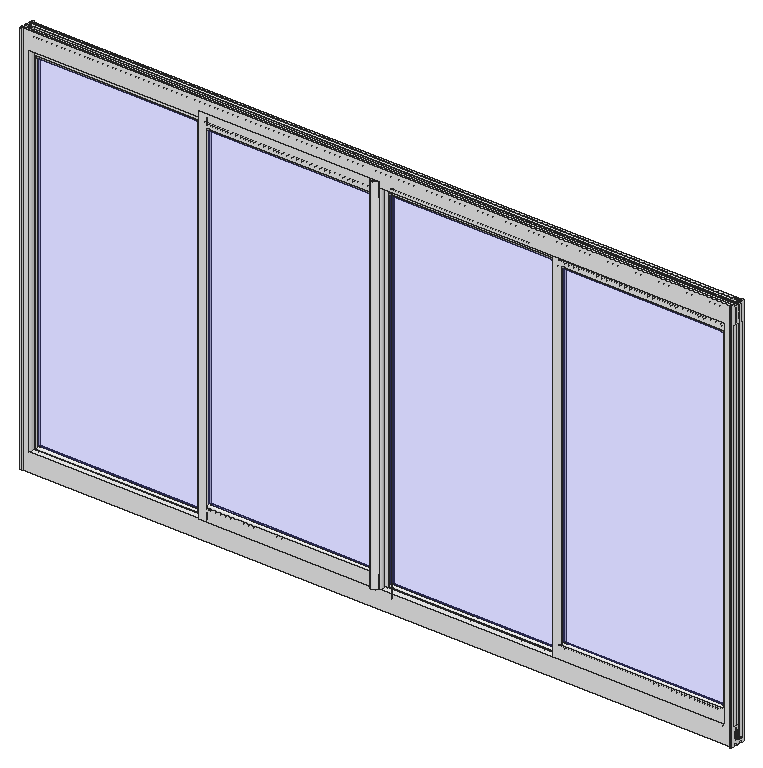
Revit family "DAL_A3-AGI-Sliding-Patio-With-Side-Panels-(4-Panels)-3600mm", category Doors, host Wall, Revit 2016
Family settings
  Host = Wall
  Always vertical = Yes
  Cut with Voids When Loaded = No
  Shared = No
  Room Calculation Point = No
Parameters (values of type "AGI sliding patio with side panels (4 panels) 3600mm")
  URL = "http://www.agi.co.za/patioDoor1.htm"
  Panel 2 Width = (Width / 4) + 10 mm  # 910 mm
  Panel 2 Hieght = Height - 154 mm  # 1846 mm
  Panel 1 heigth = Height - 89 mm  # 1911 mm
  Panel 1 Width = Width / 4  # 900 mm
  Manufacturer = "AGI"
  Function = Interior
  Frame material = none
  Frame Projection Ext. = 25 mm
  Frame Projection Int. = 25 mm
  Frame Width = 75 mm
  Height = 2000 mm
  Wall Closure = By host
  Width = 3600 mm
Reference planes
  plane 1 "Centre(Exterior/Interior)": y = 0
  plane 2 "Center (Left/Right)": x = 0
  plane 3 "Left": x = -1800
  plane 4 "Right": x = 1800
  plane 5 "Top": z = 2000
  plane 6 "Exterior": y = 75
  plane 7 "Interior": y = -75
  plane 8: z = 25
  plane 9 "Panel top": z = 1936.037
  plane 10: x = -1790
  plane 11: x = 1790
  plane 12: z = 90
  plane 13: x = -900
  plane 14: x = 900
Forms (mm)
  Sweep 1, solid, material <- "Frame material", detail levels medium+fine
    path origin (0, 0, 0) x (1, 0, 0) y (0, 0, 1)
      loop
        line (1800, 0) -> (-1800, 0)
    profile "AGI SLIDING PATIO Base frame profile : AGI SLIDING PATIO Base frame profile" origin (0, 0, 0) x (0, 0, -1) y (0, -1, 0)
      loop
        line (-90, 32.5) -> (-90, -2.5) -> (-73.55, -2.5) -> (-73.55, 2.5) -> (-86, 2.5) -> (-86, 4.847) -> (-23.5, 4.847) -> (-23.5, -1) -> (-12.362, -1) -> (-12.362, 1) -> (-21, 1) -> (-21, 21.5) -> (-33.87, 21.5) -> (-33.87, 19) -> (-23.5, 19) -> (-23.5, 7.347) -> (-86, 7.347) -> (-86, 19) -> (-73.55, 19) -> (-65.757, 26.793) -> (-69.293, 26.793) -> (-74.586, 21.5) -> (-86, 21.5) -> (-86, 32.5) -> (-90, 32.5)
      loop
        line (-2, 22.5) -> (0, 22.5) -> (0, 32.5) -> (-85, 32.5) -> (-85, 22.5) -> (-75, 22.5) -> (-70, 27.5) -> (-20, 27.5) -> (-20, 3.847) -> (-18.194, 3.847)
        arc (-18.194, 3.847) -> (-10, 0) -> (-18.194, -3.847) r 5
        line (-18.194, -3.847) -> (-20, -3.847) -> (-19.131, -17.639) -> (-25, -17.639) -> (-25, -19.673) -> (-19.003, -19.673) -> (-18.352, -30) -> (-2, -30) -> (-2, -32.5) -> (0, -32.5) -> (0, -25) -> (-13.657, -25) -> (-14.603, -9.992)
        arc (-14.603, -9.992) -> (-8.146, -7.281) -> (-5.05, -1) r 10
        line (-5.05, -1) -> (0, -1) -> (0, 1) -> (-5.05, 1)
        arc (-5.05, 1) -> (-8.292, 7.416) -> (-15, 10) r 10
        line (-15, 10) -> (-15, 27.5) -> (-2, 27.5) -> (-2, 22.5)
  Sweep 2, solid, material <- "Frame material", detail levels medium+fine
    path origin (0, 0, 0) x (1, 0, 0) y (0, 0, 1)
      loop
        line (1800, 2000) -> (1800, 0)
    profile "AGI SLIDING PATIO side frame profile : AGI SLIDING PATIO side frame profile" origin (1800, 0, 1000) x (1, 0, 0) y (0, -1, 0)
      loop
        line (-10, -32.5) -> (-10, -37.5) -> (0, -37.5) -> (0, -32.5) -> (-2, -32.5) -> (-2, -35.5) -> (-5, -35.5) -> (-5, -11.015) -> (-2, -11.015) -> (-2, -6.015) -> (-5, -6.015) -> (-5, -2.5) -> (-2, -2.5) -> (-2, 2.5) -> (-5, 2.5) -> (-5, 35.5) -> (-2, 35.5) -> (-2, 32.5) -> (0, 32.5) -> (0, 37.5) -> (-10, 37.5) -> (-10, 32.5) -> (-40, 32.5) -> (-40, 27.5) -> (-10, 27.5) -> (-10, 2) -> (-8, 2) -> (-8, -2) -> (-10, -2) -> (-10, -27.5) -> (-37.71, -27.5) -> (-37.71, -26.5) -> (-11, -26.5) -> (-11, -24.5) -> (-36.319, -24.5)
        arc (-36.319, -24.5) -> (-38.09, -14) -> (-36.319, -3.5) r 32.018
        line (-36.319, -3.5) -> (-30.069, -3.5) -> (-30.069, -1) -> (-9, -1) -> (-9, 1) -> (-40, 1)
        arc (-40, 1) -> (-42.935, -15.75) -> (-40, -32.5) r 49.268
        line (-40, -32.5) -> (-10, -32.5)
  Sweep 3, solid, material <- "Frame material", detail levels medium+fine
    path origin (0, 0, 0) x (1, 0, 0) y (0, 0, 1)
      loop
        line (-1800, 2000) -> (1800, 2000)
    profile "AGI SLIDING PATIO Top frame profile : AGI SLIDING PATIO Top frame profile" origin (0, 0, 2000) x (0, 0, 1) y (0, -1, 0)
      loop
        line (0, 1.5) -> (-5, 1.5) -> (-5, 27.5) -> (-2, 27.5) -> (-2, 22.5) -> (0, 22.5) -> (0, 32.5) -> (-90, 32.5) -> (-90, 22.5) -> (-75, 22.5) -> (-75, 27.5) -> (-10, 27.5) -> (-10, 1.5) -> (-27.652, 1.5)
        arc (-27.652, 1.5) -> (-28.663, 4.011) -> (-30.5, 6) r 7.5
        line (-30.5, 6) -> (-27.08, 6) -> (-27.08, 2.18) -> (-11, 8) -> (-88, 8) -> (-88, 19.5) -> (-11, 19.5) -> (-27.08, 26.5) -> (-27.08, 21.5) -> (-90, 21.5) -> (-90, 6) -> (-39.5, 6)
        arc (-39.5, 6) -> (-41.337, 4.011) -> (-42.348, 1.5) r 7.5
        line (-42.348, 1.5) -> (-75, 1.5) -> (-75, 5) -> (-90, 5) -> (-90, -5) -> (-75, -5) -> (-75, -1.5) -> (-42.348, -1.5)
        arc (-42.348, -1.5) -> (-41.321, -4.036) -> (-39.453, -6.035) r 7.5
        line (-39.453, -6.035) -> (-36.781, -2.414)
        arc (-36.781, -2.414) -> (-35, 3) -> (-33.219, -2.414) r 3
        line (-33.219, -2.414) -> (-30.547, -6.035)
        arc (-30.547, -6.035) -> (-28.679, -4.036) -> (-27.652, -1.5) r 7.5
        line (-27.652, -1.5) -> (-10, -1.5) -> (-10, -27.5) -> (-75, -27.5) -> (-75, -22.5) -> (-90, -22.5) -> (-90, -32.5) -> (0, -32.5) -> (0, -22.5) -> (-2, -22.5) -> (-2, -27.5) -> (-5, -27.5) -> (-5, -1.5) -> (0, -1.5) -> (0, 1.5)
  Sweep 4, solid, material <- "Frame material", detail levels medium+fine
    path origin (0, 0, 0) x (1, 0, 0) y (0, 0, 1)
      loop
        line (-1800, 2000) -> (-1800, 0)
    profile "AGI SLIDING PATIO side frame profile : AGI SLIDING PATIO side frame profile" origin (-1800, 0, 1000) x (1, 0, 0) y (0, -1, 0)
      loop
        line (10, 32.5) -> (10, 37.5) -> (0, 37.5) -> (0, 32.5) -> (2, 32.5) -> (2, 35.5) -> (5, 35.5) -> (5, 11.015) -> (2, 11.015) -> (2, 6.015) -> (5, 6.015) -> (5, 2.5) -> (2, 2.5) -> (2, -2.5) -> (5, -2.5) -> (5, -35.5) -> (2, -35.5) -> (2, -32.5) -> (0, -32.5) -> (0, -37.5) -> (10, -37.5) -> (10, -32.5) -> (40, -32.5) -> (40, -27.5) -> (10, -27.5) -> (10, -2) -> (8, -2) -> (8, 2) -> (10, 2) -> (10, 27.5) -> (37.71, 27.5) -> (37.71, 26.5) -> (11, 26.5) -> (11, 24.5) -> (36.319, 24.5)
        arc (36.319, 24.5) -> (38.09, 14) -> (36.319, 3.5) r 32.018
        line (36.319, 3.5) -> (30.069, 3.5) -> (30.069, 1) -> (9, 1) -> (9, -1) -> (40, -1)
        arc (40, -1) -> (42.935, 15.75) -> (40, 32.5) r 49.268
        line (40, 32.5) -> (10, 32.5)
Cuts and joins
  joined: Sweep 1, Sweep 2, Sweep 3, Sweep 4
Lines and regions (mm)
  Opening 1
    outline origin (-3050, -75, 0) x (1, 0, 0) y (0, 0, 1)
      loop
        line (1250, 0) -> (4850, 0) -> (4850, 2000) -> (1250, 2000) -> (1250, 0)
  symbolic lines, style "Overhead line", detail levels coarse
    curve 1: line (-1800, 75, 0) -> (1800, 75, 0)
    curve 2: line (1800, -75, 0) -> (-1800, -75, 0)
  symbolic lines, style "DoorsPanelProjection"
    curve 3: line (-445, -75, 1074.44) -> (-650.98, -75, 1074.44)
    curve 4: line (-650.98, -75, 1074.44) -> (-622.696, -75, 1102.724)
    curve 5: line (-650.98, -75, 1074.44) -> (-622.696, -75, 1046.156)
    curve 6: line (547.5, -75, 1074.44) -> (445, -75, 1074.44)
  symbolic lines, style "Plan Swing"
    curve 7: line (190.938, -21.5, 0) -> (290.938, -21.5, 0)
    curve 8: line (290.938, -21.5, 0) -> (276.796, -35.642, 0)
    curve 9: line (290.938, -21.5, 0) -> (276.796, -7.358, 0)
    curve 10: line (-370.121, 18.647, 0) -> (-470.121, 18.647, 0)
    curve 11: line (-470.121, 18.647, 0) -> (-455.979, 32.79, 0)
    curve 12: line (-470.121, 18.647, 0) -> (-455.979, 4.505, 0)
  symbolic lines, style "DoorsPanelProjection", detail levels coarse
    curve 13: line (-1800, 14.5, 0) -> (-900, 14.5, 0)
    curve 14: line (-900, -19.5, 0) -> (0, -19.5, 0)
    curve 15: line (0, 19.5, 0) -> (900, 19.5, 0)
    curve 16: line (900, -14.5, 0) -> (1800, -14.5, 0)
  symbolic lines, style "Plan Swing", detail levels coarse
    curve 17: line (547.5, 0, 1074.44) -> (533.358, 0, 1088.582)
    curve 18: line (547.5, 0, 1074.44) -> (533.358, 0, 1060.298)
Text (mm)
  text "Exterior" at (-2295.016, 1099.543, 0), in view "Ref. Level"
  text "Exterior" at (0, 1615.38, 3698.081), in view "Left"
  text "Exterior" at (0, 1036.032, 3874.932), in view "Right"
Dimensions and locks
  equal spacing: plane 3 "Left", plane 13, plane 2 "Center (Left/Right)", plane 14, plane 4 "Right"
  "Width": plane 3 "Left" to plane 4 "Right"
  "Height": plane 5 "Top" to host wall
  host wall to plane 5 "Top" = 2000 mm  (x2)
  locked: plane 6 "Exterior" to host wall at 0
  locked: plane 7 "Interior" to host wall
  locked: level to plane 8 at 25
  locked: plane 3 "Left" to plane 10 at 10
  locked: plane 11 to plane 4 "Right" at 10
  locked: level to plane 12 at 90
  aligned and locked: plane 3 "Left" to Opening 1 sketch curve
  aligned and locked: plane 5 "Top" to Opening 1 sketch curve  (x2)
  aligned and locked: Opening 1 sketch curve to plane 4 "Right"
  aligned and locked: Opening 1 sketch curve to level
  aligned and locked: plane 1 "Centre(Exterior/Interior)" to host wall
  aligned and locked: level to Sweep 1 sketch curve
  aligned and locked: plane 4 "Right" to Sweep 1 sketch curve
  aligned and locked: plane 3 "Left" to Sweep 1 sketch curve
  aligned and locked: plane 4 "Right" to Sweep 2 sketch curve
  aligned and locked: plane 5 "Top" to Sweep 2 sketch curve
  aligned and locked: level to Sweep 2 sketch curve
  aligned and locked: plane 5 "Top" to Sweep 3 sketch curve
  aligned and locked: plane 4 "Right" to Sweep 3 sketch curve
  aligned and locked: plane 3 "Left" to Sweep 3 sketch curve
  aligned and locked: plane 3 "Left" to Sweep 4 sketch curve
  aligned and locked: plane 5 "Top" to Sweep 4 sketch curve
  aligned and locked: level to Sweep 4 sketch curve
  aligned and locked: nested 1 to plane 8
  aligned and locked: nested 1 to plane 10
  aligned and locked: plane 3 "Left" to curve 1
  aligned and locked: plane 4 "Right" to curve 1
  aligned and locked: plane 4 "Right" to curve 2
  aligned and locked: curve 2 to plane 7 "Interior"
  aligned and locked: plane 6 "Exterior" to curve 1
  aligned and locked: plane 13 to nested 2
  aligned and locked: nested 3 to plane 11
  aligned and locked: plane 12 to nested 3
  aligned and locked: nested 1 to cut or joined group of Sweep 1, Sweep 2, Sweep 3, Sweep 4
  aligned and locked: nested 3 to cut or joined group of Sweep 1, Sweep 2, Sweep 3, Sweep 4
  aligned and locked: nested 4 to plane 14
  aligned and locked: plane 11 to nested 3
  aligned and locked: plane 10 to nested 1
  aligned and locked: nested 4 to cut or joined group of Sweep 1, Sweep 2, Sweep 3, Sweep 4
  aligned and locked: plane 8 to nested 4
  aligned and locked: nested 2 to plane 12
  aligned and locked: plane 4 "Right" to curve 16
  aligned and locked: plane 14 to curve 16
  aligned and locked: plane 14 to curve 15
  aligned and locked: plane 2 "Center (Left/Right)" to curve 15
  aligned and locked: plane 2 "Center (Left/Right)" to curve 14
  aligned and locked: plane 13 to curve 14
  aligned and locked: plane 13 to curve 13
  aligned and locked: curve 13 to nested 1
  aligned and locked: curve 16 to nested 3
  aligned and locked: nested 4 to curve 15
  aligned and locked: curve 14 to nested 2
  aligned and locked: nested 2 to curve 3
  aligned and locked: nested 4 to curve 6
  aligned and locked: curve 17 to curve 6
  aligned and locked: curve 18 to curve 6
  aligned: cut or joined group of Sweep 1, Sweep 2, Sweep 3, Sweep 4 to curve 7
Automatic sketch dimensions
  curve 5 to curve 3 = 177.696 mm
  curve 4 to curve 5 = 0 mm
  curve 5 to curve 5 = 28.284 mm
  curve 6 to curve 6 = 102.5 mm
  curve 5 to plane 9 "Panel top" = 889.882 mm
  curve 5 to curve 4 = 28.284 mm
  curve 6 to plane 9 "Panel top" = 861.598 mm
  curve 18 to curve 17 = 14.142 mm  (x2)
  curve 17 to curve 17 = 14.142 mm
  curve 13 to plane 3 "Left" = 0 mm
  curve 2 to plane 3 "Left" = 0 mm
  curve 12 to host wall = 18.647 mm
  plane 13 to curve 12 = 429.879 mm
  curve 12 to host wall = 4.505 mm
  curve 10 to curve 12 = 14.142 mm
  curve 11 to host wall = 32.79 mm
  curve 12 to curve 10 = 85.858 mm
  host wall to curve 7 = 21.5 mm
  plane 2 "Center (Left/Right)" to curve 7 = 190.938 mm
  host wall to curve 8 = 35.642 mm
  curve 7 to curve 8 = 85.858 mm
  host wall to curve 9 = 7.358 mm
  curve 9 to curve 8 = 0 mm
Nested families
  nested 1: "AGI sliding patio side i" at (-1197.2, 14.5, 25), type "AGI sliding patio side i", detail levels medium+fine
    with Width 900 mm
  nested 2: "AGI sliding patio side II" at (-587.8, -19.5, 90) x (-1, 0, 0) z (0, 0, 1), type "AGI sliding patio side II", detail levels medium+fine
    with Width 910 mm
  nested 3: "AGI sliding patio side i" at (1197.2, -14.5, 90) x (-1, 0, 0) z (0, 0, 1), type "AGI sliding patio side i 2", detail levels medium+fine
    with Width 900 mm, Height 1846 mm
  nested 4: "AGI sliding patio side II" at (587.8, 19.5, 25), type "AGI sliding patio side II 2", detail levels medium+fine
    with Width 910 mm, Height 1911 mm
Definition of nested family "AGI sliding patio side i"
  Parameters
    Width = 375 mm
    Height = 1911 mm
    Glass = none
    Frame = none
    Assembly Code = ""
  Reference planes
    plane 1 "Center (Front/Back)": y = 0
    plane 2: z = 0
    plane 3 "Center (Left/Right)": x = -142.8
    plane 4 "Right": x = 44.7
    plane 5 "Left": x = -330.3
    plane 6: z = 1911
    plane 7: z = 1846
    plane 8: z = 65
    plane 9 "PANEL": y = 2.5
    plane 10: x = -301.3
    plane 11: x = 15.7
  Forms (mm)
    Sweep 1, solid
      path origin (0, 0, 0) x (1, 0, 0) y (0, 1, 0)
        loop
          line (44.7, 0) -> (-330.3, 0)
      profile "AGI panel top & bottom profile : AGI panel top & bottom profile" origin (-142.8, 0, 0) x (0, -1, 0) y (0, 0, 1)
        loop
          line (13, 0) -> (13, 65)
          arc (13, 65) -> (9.925, 72.425) -> (2.5, 75.5) r 10.5
          line (2.5, 75.5) -> (2.5, 65) -> (5, 65) -> (5, 69.899)
          arc (5, 69.899) -> (7.19, 67.872) -> (8, 65) r 5.5
          line (8, 65) -> (8, 54.802) -> (3.867, 54.802)
          arc (3.867, 54.802) -> (0, 56.632) -> (-3.867, 54.802) r 5
          line (-3.867, 54.802) -> (-8, 54.802) -> (-8, 65)
          arc (-8, 65) -> (-7.19, 67.872) -> (-5, 69.899) r 5.5
          line (-5, 69.899) -> (-5, 65) -> (-2.5, 65) -> (-2.5, 75.5)
          arc (-2.5, 75.5) -> (-9.925, 72.425) -> (-13, 65) r 10.5
          line (-13, 65) -> (-13, 0) -> (-5, 0) -> (-5, 5) -> (-8, 5) -> (-8, 49.802) -> (-4.653, 49.802)
          arc (-4.653, 49.802) -> (-3.789, 48.369) -> (-2.5, 47.302) r 5
          line (-2.5, 47.302) -> (-0.948, 49.319)
          arc (-0.948, 49.319) -> (-0.168, 54.126) -> (1.25, 49.467) r 2.5
          line (1.25, 49.467) -> (2.5, 47.302)
          arc (2.5, 47.302) -> (3.789, 48.369) -> (4.653, 49.802) r 5
          line (4.653, 49.802) -> (8, 49.802) -> (8, 5) -> (5, 5) -> (5, 0) -> (13, 0)
    Sweep 2, solid
      path origin (0, 0, 0) x (1, 0, 0) y (0, 0, 1)
        loop
          line (-330.3, 1911) -> (44.7, 1911)
      profile "AGI panel top & bottom profile : AGI panel top & bottom profile" origin (-142.8, 0, 1911) x (0, 0, 1) y (0, -1, 0)
        loop
          line (0, 13) -> (-65, 13)
          arc (-65, 13) -> (-72.425, 9.925) -> (-75.5, 2.5) r 10.5
          line (-75.5, 2.5) -> (-65, 2.5) -> (-65, 5) -> (-69.899, 5)
          arc (-69.899, 5) -> (-67.872, 7.19) -> (-65, 8) r 5.5
          line (-65, 8) -> (-54.802, 8) -> (-54.802, 3.867)
          arc (-54.802, 3.867) -> (-56.632, 0) -> (-54.802, -3.867) r 5
          line (-54.802, -3.867) -> (-54.802, -8) -> (-65, -8)
          arc (-65, -8) -> (-67.872, -7.19) -> (-69.899, -5) r 5.5
          line (-69.899, -5) -> (-65, -5) -> (-65, -2.5) -> (-75.5, -2.5)
          arc (-75.5, -2.5) -> (-72.425, -9.925) -> (-65, -13) r 10.5
          line (-65, -13) -> (0, -13) -> (0, -5) -> (-5, -5) -> (-5, -8) -> (-49.802, -8) -> (-49.802, -4.653)
          arc (-49.802, -4.653) -> (-48.369, -3.789) -> (-47.302, -2.5) r 5
          line (-47.302, -2.5) -> (-49.319, -0.948)
          arc (-49.319, -0.948) -> (-54.126, -0.168) -> (-49.467, 1.25) r 2.5
          line (-49.467, 1.25) -> (-47.302, 2.5)
          arc (-47.302, 2.5) -> (-48.369, 3.789) -> (-49.802, 4.653) r 5
          line (-49.802, 4.653) -> (-49.802, 8) -> (-5, 8) -> (-5, 5) -> (0, 5) -> (0, 13)
    Sweep 3, solid
      path origin (0, 0, 0) x (1, 0, 0) y (0, 0, 1)
        loop
          line (-330.3, 1911) -> (-330.3, 0)
      profile "AGI panel side profile i : AGI panel side profile i" origin (-330.3, 0, 955.5) x (1, 0, 0) y (0, -1, 0)
        loop
          line (0, 13) -> (0, 8) -> (12, 8) -> (12, -8) -> (0, -8) -> (0, -13) -> (40, -13) -> (40, -8) -> (39, -8) -> (39, -2.5) -> (29, -2.5) -> (29, -5) -> (34, -5) -> (34, -8) -> (17, -8) -> (17, 8) -> (34, 8) -> (34, 5) -> (29, 5) -> (29, 2.5) -> (39, 2.5) -> (39, 8) -> (40, 8) -> (40, 13) -> (0, 13)
    Sweep 4, solid
      path origin (0, 0, 0) x (1, 0, 0) y (0, 0, 1)
        loop
          line (44.7, 1911) -> (44.7, 0)
      profile "AGI panel side profile st : AGI panel side profile st" origin (44.7, 0, 955.5) x (1, 0, 0) y (0, -1, 0)
        loop
          line (0.808, 8) -> (-13.241, 8) -> (-12, 6.759) -> (-12, -8) -> (-1.155, -8)
          arc (-1.155, -8) -> (1.377, -0.19) -> (0.808, 8) r 21.581
        loop
          arc (1.595, -13) -> (6.537, 2.438) -> (1.595, 17.875) r 26.581
          line (1.595, 17.875) -> (-12, 17.875) -> (0, 15) -> (0, 13) -> (-40, 13) -> (-40, 8) -> (-39, 8) -> (-39, 2.5) -> (-29, 2.5) -> (-29, 5) -> (-34, 5) -> (-34, 8) -> (-20, 8) -> (-17, 5) -> (-17, -8) -> (-34, -8) -> (-34, -5) -> (-29, -5) -> (-29, -2.5) -> (-39, -2.5) -> (-39, -8) -> (-40, -8) -> (-40, -13) -> (1.595, -13)
    Extrusion 5, solid, material <- "Glass"
      sketch origin (0, 2.5, 0) x (1, 0, 0) y (0, 0, 1)
        loop
          line (-301.3, 65) -> (15.7, 65) -> (15.7, 1846) -> (-301.3, 1846) -> (-301.3, 65)
      from 0 to 5
  Cuts and joins
    joined: Sweep 1, Sweep 2, Sweep 3, Sweep 4
  Dimensions and locks
    equal spacing: plane 5 "Left", plane 3 "Center (Left/Right)", plane 4 "Right"
    "Width": plane 5 "Left" to plane 4 "Right"
    "Height": plane 6 to plane 2
    locked: level to plane 8 at 65
    locked: plane 7 to plane 6 at 65
    locked: plane 5 "Left" to plane 10 at 29
    locked: plane 11 to plane 4 "Right" at 29
    aligned and locked: level to plane 2
    aligned and locked: Sweep 1 sketch curve to plane 1 "Center (Front/Back)"
    aligned and locked: plane 5 "Left" to Sweep 1 sketch curve
    aligned and locked: plane 4 "Right" to Sweep 1 sketch curve
    aligned and locked: Sweep 2 sketch curve to plane 6
    aligned and locked: plane 5 "Left" to Sweep 2 sketch curve
    aligned and locked: plane 4 "Right" to Sweep 2 sketch curve
    aligned and locked: Sweep 3 sketch curve to plane 5 "Left"
    aligned and locked: plane 6 to Sweep 3 sketch curve
    aligned and locked: plane 2 to Sweep 3 sketch curve
    aligned and locked: Sweep 4 sketch curve to plane 4 "Right"
    aligned and locked: plane 6 to Sweep 4 sketch curve
    aligned and locked: plane 2 to Sweep 4 sketch curve
    aligned and locked: Extrusion 5 sketch curve to plane 10
    aligned and locked: Extrusion 5 sketch curve to plane 7
    aligned and locked: Extrusion 5 sketch curve to plane 8
    aligned and locked: Extrusion 5 sketch curve to plane 11
Definition of nested family "AGI sliding patio side II"
  Parameters
    Width = 750 mm
    Height = 1846 mm
    Glass = none
    Frame = none
    Assembly Code = ""
  Reference planes
    plane 1 "Center (Front/Back)": y = 0
    plane 2: z = 0
    plane 3 "Center (Left/Right)": x = -142.8
    plane 4 "Right": x = 232.2
    plane 5 "Left": x = -517.8
    plane 6: z = 1846
    plane 7: z = 1781
    plane 8: z = 65
    plane 9 "PANEL": y = 2.5
    plane 10: x = -488.8
    plane 11: x = 203.2
  Forms (mm)
    Sweep 1, solid
      path origin (0, 0, 0) x (1, 0, 0) y (0, 1, 0)
        loop
          line (232.2, 0) -> (-517.8, 0)
      profile "AGI panel top & bottom profile : AGI panel top & bottom profile" origin (-142.8, 0, 0) x (0, -1, 0) y (0, 0, 1)
        loop
          line (13, 0) -> (13, 65)
          arc (13, 65) -> (9.925, 72.425) -> (2.5, 75.5) r 10.5
          line (2.5, 75.5) -> (2.5, 65) -> (5, 65) -> (5, 69.899)
          arc (5, 69.899) -> (7.19, 67.872) -> (8, 65) r 5.5
          line (8, 65) -> (8, 54.802) -> (3.867, 54.802)
          arc (3.867, 54.802) -> (0, 56.632) -> (-3.867, 54.802) r 5
          line (-3.867, 54.802) -> (-8, 54.802) -> (-8, 65)
          arc (-8, 65) -> (-7.19, 67.872) -> (-5, 69.899) r 5.5
          line (-5, 69.899) -> (-5, 65) -> (-2.5, 65) -> (-2.5, 75.5)
          arc (-2.5, 75.5) -> (-9.925, 72.425) -> (-13, 65) r 10.5
          line (-13, 65) -> (-13, 0) -> (-5, 0) -> (-5, 5) -> (-8, 5) -> (-8, 49.802) -> (-4.653, 49.802)
          arc (-4.653, 49.802) -> (-3.789, 48.369) -> (-2.5, 47.302) r 5
          line (-2.5, 47.302) -> (-0.948, 49.319)
          arc (-0.948, 49.319) -> (-0.168, 54.126) -> (1.25, 49.467) r 2.5
          line (1.25, 49.467) -> (2.5, 47.302)
          arc (2.5, 47.302) -> (3.789, 48.369) -> (4.653, 49.802) r 5
          line (4.653, 49.802) -> (8, 49.802) -> (8, 5) -> (5, 5) -> (5, 0) -> (13, 0)
    Sweep 2, solid
      path origin (0, 0, 0) x (1, 0, 0) y (0, 0, 1)
        loop
          line (-517.8, 1846) -> (232.2, 1846)
      profile "AGI panel top & bottom profile : AGI panel top & bottom profile" origin (-142.8, 0, 1846) x (0, 0, 1) y (0, -1, 0)
        loop
          line (0, 13) -> (-65, 13)
          arc (-65, 13) -> (-72.425, 9.925) -> (-75.5, 2.5) r 10.5
          line (-75.5, 2.5) -> (-65, 2.5) -> (-65, 5) -> (-69.899, 5)
          arc (-69.899, 5) -> (-67.872, 7.19) -> (-65, 8) r 5.5
          line (-65, 8) -> (-54.802, 8) -> (-54.802, 3.867)
          arc (-54.802, 3.867) -> (-56.632, 0) -> (-54.802, -3.867) r 5
          line (-54.802, -3.867) -> (-54.802, -8) -> (-65, -8)
          arc (-65, -8) -> (-67.872, -7.19) -> (-69.899, -5) r 5.5
          line (-69.899, -5) -> (-65, -5) -> (-65, -2.5) -> (-75.5, -2.5)
          arc (-75.5, -2.5) -> (-72.425, -9.925) -> (-65, -13) r 10.5
          line (-65, -13) -> (0, -13) -> (0, -5) -> (-5, -5) -> (-5, -8) -> (-49.802, -8) -> (-49.802, -4.653)
          arc (-49.802, -4.653) -> (-48.369, -3.789) -> (-47.302, -2.5) r 5
          line (-47.302, -2.5) -> (-49.319, -0.948)
          arc (-49.319, -0.948) -> (-54.126, -0.168) -> (-49.467, 1.25) r 2.5
          line (-49.467, 1.25) -> (-47.302, 2.5)
          arc (-47.302, 2.5) -> (-48.369, 3.789) -> (-49.802, 4.653) r 5
          line (-49.802, 4.653) -> (-49.802, 8) -> (-5, 8) -> (-5, 5) -> (0, 5) -> (0, 13)
    Extrusion 3, solid, material <- "Glass"
      sketch origin (0, 2.5, 0) x (1, 0, 0) y (0, 0, 1)
        loop
          line (-488.8, 65) -> (203.2, 65) -> (203.2, 1781) -> (-488.8, 1781) -> (-488.8, 65)
      from 0 to 5
    Sweep 4, solid
      path origin (0, 2.5, 0) x (1, 0, 0) y (0, 0, 1)
        loop
          line (-517.8, 1846) -> (-517.8, 0)
      profile "AGI panel side profile outside : AGI panel side profile outside" origin (-517.8, 2.5, 923) x (1, 0, 0) y (0, -1, 0)
        loop
          line (-0.808, -8) -> (13.241, -8) -> (12, -6.759) -> (12, 8) -> (1.155, 8)
          arc (1.155, 8) -> (-1.377, 0.19) -> (-0.808, -8) r 21.581
        loop
          line (0, -13) -> (40, -13) -> (40, -8) -> (39, -8) -> (39, -2.5) -> (29, -2.5) -> (29, -5) -> (34, -5) -> (34, -8) -> (20, -8) -> (17, -5) -> (17, 8) -> (34, 8) -> (34, 5) -> (29, 5) -> (29, 2.5) -> (39, 2.5) -> (39, 8) -> (40, 8) -> (40, 13)
          arc (40, 13) -> (34.524, 17.653) -> (35.292, 24.797) r 7.681
          arc (35.292, 24.797) -> (35.561, 27.542) -> (33.41, 29.269) r 2.898
          arc (33.41, 29.269) -> (13.321, 26.701) -> (-1.595, 13) r 33.416
          arc (-1.595, 13) -> (-6.537, -2.438) -> (-1.595, -17.875) r 26.581
          line (-1.595, -17.875) -> (12, -17.875) -> (0, -15) -> (0, -13)
        loop
          line (-0.437, 13) -> (37.286, 13)
          arc (37.286, 13) -> (33.195, 18.566) -> (34.463, 25.357) r 8.681
          arc (34.463, 25.357) -> (34.657, 27.114) -> (33.319, 28.269) r 1.899
          arc (33.319, 28.269) -> (14.045, 25.932) -> (-0.437, 13) r 32.416
    Sweep 5, solid
      path origin (0, 2.5, 0) x (1, 0, 0) y (0, 0, 1)
        loop
          line (232.2, 1846) -> (232.2, 0)
      profile "AGI panel side profile st : AGI panel side profile st" origin (232.2, 2.5, 923) x (1, 0, 0) y (0, -1, 0)
        loop
          arc (0.808, -5.5) -> (1.377, 2.69) -> (-1.155, 10.5) r 21.581
          line (-1.155, 10.5) -> (-12, 10.5) -> (-12, -4.259) -> (-13.241, -5.5) -> (0.808, -5.5)
        loop
          line (1.595, 15.5) -> (-40, 15.5) -> (-40, 10.5) -> (-39, 10.5) -> (-39, 5) -> (-29, 5) -> (-29, 7.5) -> (-34, 7.5) -> (-34, 10.5) -> (-17, 10.5) -> (-17, -2.5) -> (-20, -5.5) -> (-34, -5.5) -> (-34, -2.5) -> (-29, -2.5) -> (-29, 0) -> (-39, 0) -> (-39, -5.5) -> (-40, -5.5) -> (-40, -10.5) -> (0, -10.5) -> (0, -12.5) -> (-12, -15.375) -> (1.595, -15.375)
          arc (1.595, -15.375) -> (6.537, 0.062) -> (1.595, 15.5) r 26.581
  Cuts and joins
    joined: Sweep 1, Sweep 2, Sweep 4, Sweep 5
  Dimensions and locks
    equal spacing: plane 5 "Left", plane 3 "Center (Left/Right)", plane 4 "Right"
    "Width": plane 5 "Left" to plane 4 "Right"
    "Height": plane 6 to plane 2
    locked: level to plane 8 at 65
    locked: plane 7 to plane 6 at 65
    locked: plane 5 "Left" to plane 10 at 29
    locked: plane 11 to plane 4 "Right" at 29
    aligned and locked: level to plane 2
    aligned and locked: Sweep 1 sketch curve to plane 1 "Center (Front/Back)"
    aligned and locked: plane 5 "Left" to Sweep 1 sketch curve
    aligned and locked: plane 4 "Right" to Sweep 1 sketch curve
    aligned and locked: Sweep 2 sketch curve to plane 6
    aligned and locked: plane 5 "Left" to Sweep 2 sketch curve
    aligned and locked: plane 4 "Right" to Sweep 2 sketch curve
    aligned and locked: Extrusion 3 sketch curve to plane 10
    aligned and locked: Extrusion 3 sketch curve to plane 7
    aligned and locked: Extrusion 3 sketch curve to plane 8
    aligned and locked: Extrusion 3 sketch curve to plane 11
    aligned and locked: Sweep 4 sketch curve to plane 5 "Left"
    aligned and locked: plane 6 to Sweep 4 sketch curve
    aligned and locked: plane 2 to Sweep 4 sketch curve
    aligned and locked: Sweep 5 sketch curve to plane 4 "Right"
    aligned and locked: plane 6 to Sweep 5 sketch curve
    aligned and locked: plane 2 to Sweep 5 sketch curve
    aligned and locked: plane 11 to cut or joined group of Sweep 1, Sweep 2, Sweep 4, Sweep 5
  Automatic sketch dimensions
    Sweep 4 sketch curve to level = 0 mm
